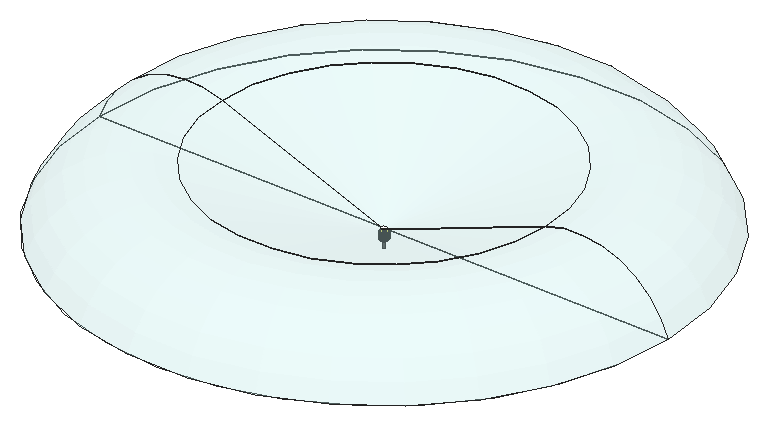
Revit family "VAN Series Nozzles", category Conexões de tubo, Revit 2020
Family settings
  Cota do conector redondo = Utilizar diâmetro
  Tipo de parte = Cobertura
  Número OmniClass = 23.60.30.11.14
  Título OmniClass = Pipework Fittings
  Com base no plano de trabalho = Sim
  Sempre na vertical = Sim
  Corte com vazios quando carregada = Não
  Compartilhado = Não
Parameters (values of type "4 Series VAN")
  Water Visibility (Circle) = yes
  Water = Water
  URL = "https://www.rainbird.com/"
  Type = 1 ft
  SupportProjetos: Reviw Date = "26/03/2021"  # constant formula
  SupportProjetos: Level of Detail = "LOD 300"  # constant formula
  SupportProjetos: Developed = "MICHEL SOARES MOTA"  # constant formula
  SupportProjetos: Creation Date = "22/07/2020"  # constant formula
  Reviw = "R01"  # constant formula
  RainBird: Product Link = "https://store.rainbird.com/sprinklers/nozzles.html?sprays_nozzleseries=102"
  RainBird: Description [instance] = if(Type = 1 ft, "Spray Nozzles 4 Series VAN", if(Type = 2 ft, "Spray Nozzles 6 Series VAN", if(Type = 3 ft, "Spray Nozzles 8 Series VAN", if(Type = 4 ft, "Spray Nozzles 10 Series VAN", if(Type = 5 ft, " Spray Nozzles 12 Series VAN ", if(Type = 6 ft, " Spray Nozzles 15 Series VAN ", if(Type = 7 ft, "Spray Nozzles 18 Series VAN", "Does not exis")))))))  # "Spray Nozzles 4 Series VAN"
  RainBird: Comment [instance] = ""
  Radius [instance] = if(and(Limit Angle = 360.00°, Pressure = 15.0 psi, Type = 1 ft), 3 ft, if(and(Limit Angle = 360.00°, Pressure = 20.0 psi, Type = 1 ft), 3 ft, if(and(Limit Angle = 360.00°, Pressure = 25.0 psi, Type = 1 ft), 4 ft, if(and(Limit Angle = 360.00°, Pressure = 30.0 psi, Type = 1 ft), 4 ft, if(and(Limit Angle = 270.00°, Pressure = 15.0 psi, Type = 1 ft), 3 ft, if(and(Limit Angle = 270.00°, Pressure = 20.0 psi, Type = 1 ft), 3 ft, if(and(Limit Angle = 270.00°, Pressure = 25.0 psi, Type = 1 ft), 4 ft, if(and(Limit Angle = 270.00°, Pressure = 30.0 psi, Type = 1 ft), 4 ft, if(and(Limit Angle = 180.00°, Pressure = 15.0 psi, Type = 1 ft), 3 ft, if(and(Limit Angle = 180.00°, Pressure = 20.0 psi, Type = 1 ft), 3 ft, if(and(Limit Angle = 180.00°, Pressure = 25.0 psi, Type = 1 ft), 4 ft, if(and(Limit Angle = 180.00°, Pressure = 30.0 psi, Type = 1 ft), 4 ft, if(and(Limit Angle = 90.00°, Pressure = 15.0 psi, Type = 1 ft), 3 ft, if(and(Limit Angle = 90.00°, Pressure = 20.0 psi, Type = 1 ft), 3 ft, if(and(Limit Angle = 90.00°, Pressure = 25.0 psi, Type = 1 ft), 4 ft, if(and(Limit Angle = 90.00°, Pressure = 30.0 psi, Type = 1 ft), 4 ft, if(and(Limit Angle = 360.00°, Pressure = 15.0 psi, Type = 2 ft), 4 ft, if(and(Limit Angle = 360.00°, Pressure = 20.0 psi, Type = 2 ft), 5 ft, if(and(Limit Angle = 360.00°, Pressure = 25.0 psi, Type = 2 ft), 5 ft, if(and(Limit Angle = 360.00°, Pressure = 30.0 psi, Type = 2 ft), 6 ft, if(and(Limit Angle = 270.00°, Pressure = 15.0 psi, Type = 2 ft), 4 ft, if(and(Limit Angle = 270.00°, Pressure = 20.0 psi, Type = 2 ft), 5 ft, if(and(Limit Angle = 270.00°, Pressure = 25.0 psi, Type = 2 ft), 5 ft, if(and(Limit Angle = 270.00°, Pressure = 30.0 psi, Type = 2 ft), 6 ft, if(and(Limit Angle = 180.00°, Pressure = 15.0 psi, Type = 2 ft), 4 ft, if(and(Limit Angle = 180.00°, Pressure = 20.0 psi, Type = 2 ft), 5 ft, if(and(Limit Angle = 180.00°, Pressure = 25.0 psi, Type = 2 ft), 5 ft, if(and(Limit Angle = 180.00°, Pressure = 30.0 psi, Type = 2 ft), 6 ft, if(and(Limit Angle = 90.00°, Pressure = 15.0 psi, Type = 2 ft), 4 ft, if(and(Limit Angle = 90.00°, Pressure = 20.0 psi, Type = 2 ft), 5 ft, if(and(Limit Angle = 90.00°, Pressure = 25.0 psi, Type = 2 ft), 5 ft, if(and(Limit Angle = 90.00°, Pressure = 30.0 psi, Type = 2 ft), 6 ft, if(and(Limit Angle = 360.00°, Pressure = 15.0 psi, Type = 3 ft), 6 ft, if(and(Limit Angle = 360.00°, Pressure = 20.0 psi, Type = 3 ft), 7 ft, if(and(Limit Angle = 360.00°, Pressure = 25.0 psi, Type = 3 ft), 7 ft, if(and(Limit Angle = 360.00°, Pressure = 30.0 psi, Type = 3 ft), 8 ft, if(and(Limit Angle = 270.00°, Pressure = 15.0 psi, Type = 3 ft), 6 ft, if(and(Limit Angle = 270.00°, Pressure = 20.0 psi, Type = 3 ft), 7 ft, if(and(Limit Angle = 270.00°, Pressure = 25.0 psi, Type = 3 ft), 7 ft, if(and(Limit Angle = 270.00°, Pressure = 30.0 psi, Type = 3 ft), 8 ft, if(and(Limit Angle = 180.00°, Pressure = 15.0 psi, Type = 3 ft), 6 ft, if(and(Limit Angle = 180.00°, Pressure = 20.0 psi, Type = 3 ft), 7 ft, if(and(Limit Angle = 180.00°, Pressure = 25.0 psi, Type = 3 ft), 7 ft, if(and(Limit Angle = 180.00°, Pressure = 30.0 psi, Type = 3 ft), 8 ft, if(and(Limit Angle = 90.00°, Pressure = 15.0 psi, Type = 3 ft), 6 ft, if(and(Limit Angle = 90.00°, Pressure = 20.0 psi, Type = 3 ft), 7 ft, if(and(Limit Angle = 90.00°, Pressure = 25.0 psi, Type = 3 ft), 7 ft, if(and(Limit Angle = 90.00°, Pressure = 30.0 psi, Type = 3 ft), 8 ft, if(and(Limit Angle = 360.00°, Pressure = 15.0 psi, Type = 4 ft), 7 ft, if(and(Limit Angle = 360.00°, Pressure = 20.0 psi, Type = 4 ft), 8 ft, if(and(Limit Angle = 360.00°, Pressure = 25.0 psi, Type = 4 ft), 9 ft, if(and(Limit Angle = 360.00°, Pressure = 30.0 psi, Type = 4 ft), 10 ft, if(and(Limit Angle = 270.00°, Pressure = 15.0 psi, Type = 4 ft), 7 ft, if(and(Limit Angle = 270.00°, Pressure = 20.0 psi, Type = 4 ft), 8 ft, if(and(Limit Angle = 270.00°, Pressure = 25.0 psi, Type = 4 ft), 9 ft, if(and(Limit Angle = 270.00°, Pressure = 30.0 psi, Type = 4 ft), 10 ft, if(and(Limit Angle = 180.00°, Pressure = 15.0 psi, Type = 4 ft), 7 ft, if(and(Limit Angle = 180.00°, Pressure = 20.0 psi, Type = 4 ft), 8 ft, if(and(Limit Angle = 180.00°, Pressure = 25.0 psi, Type = 4 ft), 9 ft, if(and(Limit Angle = 180.00°, Pressure = 30.0 psi, Type = 4 ft), 10 ft, if(and(Limit Angle = 90.00°, Pressure = 15.0 psi, Type = 4 ft), 7 ft, if(and(Limit Angle = 90.00°, Pressure = 20.0 psi, Type = 4 ft), 8 ft, if(and(Limit Angle = 90.00°, Pressure = 25.0 psi, Type = 4 ft), 9 ft, if(and(Limit Angle = 90.00°, Pressure = 30.0 psi, Type = 4 ft), 10 ft, if(and(Limit Angle = 360.00°, Pressure = 15.0 psi, Type = 5 ft), 9 ft, if(and(Limit Angle = 360.00°, Pressure = 20.0 psi, Type = 5 ft), 10 ft, if(and(Limit Angle = 360.00°, Pressure = 25.0 psi, Type = 5 ft), 11 ft, if(and(Limit Angle = 360.00°, Pressure = 30.0 psi, Type = 5 ft), 12 ft, if(and(Limit Angle = 270.00°, Pressure = 15.0 psi, Type = 5 ft), 9 ft, if(and(Limit Angle = 270.00°, Pressure = 20.0 psi, Type = 5 ft), 10 ft, if(and(Limit Angle = 270.00°, Pressure = 25.0 psi, Type = 5 ft), 11 ft, if(and(Limit Angle = 270.00°, Pressure = 30.0 psi, Type = 5 ft), 12 ft, if(and(Limit Angle = 180.00°, Pressure = 15.0 psi, Type = 5 ft), 9 ft, if(and(Limit Angle = 180.00°, Pressure = 20.0 psi, Type = 5 ft), 10 ft, if(and(Limit Angle = 180.00°, Pressure = 25.0 psi, Type = 5 ft), 11 ft, if(and(Limit Angle = 180.00°, Pressure = 30.0 psi, Type = 5 ft), 12 ft, if(and(Limit Angle = 90.00°, Pressure = 15.0 psi, Type = 5 ft), 9 ft, if(and(Limit Angle = 90.00°, Pressure = 20.0 psi, Type = 5 ft), 10 ft, if(and(Limit Angle = 90.00°, Pressure = 25.0 psi, Type = 5 ft), 11 ft, if(and(Limit Angle = 90.00°, Pressure = 30.0 psi, Type = 5 ft), 12 ft, if(and(Limit Angle = 360.00°, Pressure = 15.0 psi, Type = 6 ft), 11 ft, if(and(Limit Angle = 360.00°, Pressure = 20.0 psi, Type = 6 ft), 12 ft, if(and(Limit Angle = 360.00°, Pressure = 25.0 psi, Type = 6 ft), 14 ft, if(and(Limit Angle = 360.00°, Pressure = 30.0 psi, Type = 6 ft), 15 ft, if(and(Limit Angle = 270.00°, Pressure = 15.0 psi, Type = 6 ft), 11 ft, if(and(Limit Angle = 270.00°, Pressure = 20.0 psi, Type = 6 ft), 12 ft, if(and(Limit Angle = 270.00°, Pressure = 25.0 psi, Type = 6 ft), 14 ft, if(and(Limit Angle = 270.00°, Pressure = 30.0 psi, Type = 6 ft), 15 ft, if(and(Limit Angle = 180.00°, Pressure = 15.0 psi, Type = 6 ft), 11 ft, if(and(Limit Angle = 180.00°, Pressure = 20.0 psi, Type = 6 ft), 12 ft, if(and(Limit Angle = 180.00°, Pressure = 25.0 psi, Type = 6 ft), 14 ft, if(and(Limit Angle = 180.00°, Pressure = 30.0 psi, Type = 6 ft), 15 ft, if(and(Limit Angle = 90.00°, Pressure = 15.0 psi, Type = 6 ft), 11 ft, if(and(Limit Angle = 90.00°, Pressure = 20.0 psi, Type = 6 ft), 12 ft, if(and(Limit Angle = 90.00°, Pressure = 25.0 psi, Type = 6 ft), 14 ft, if(and(Limit Angle = 90.00°, Pressure = 30.0 psi, Type = 6 ft), 15 ft, if(and(Limit Angle = 360.00°, Pressure = 15.0 psi, Type = 7 ft), 14 ft, if(and(Limit Angle = 360.00°, Pressure = 20.0 psi, Type = 7 ft), 15 ft, if(and(Limit Angle = 360.00°, Pressure = 25.0 psi, Type = 7 ft), 17 ft, if(and(Limit Angle = 360.00°, Pressure = 30.0 psi, Type = 7 ft), 18 ft, if(and(Limit Angle = 270.00°, Pressure = 15.0 psi, Type = 7 ft), 14 ft, if(and(Limit Angle = 270.00°, Pressure = 20.0 psi, Type = 7 ft), 15 ft, if(and(Limit Angle = 270.00°, Pressure = 25.0 psi, Type = 7 ft), 17 ft, if(and(Limit Angle = 270.00°, Pressure = 30.0 psi, Type = 7 ft), 18 ft, if(and(Limit Angle = 180.00°, Pressure = 15.0 psi, Type = 7 ft), 14 ft, if(and(Limit Angle = 180.00°, Pressure = 20.0 psi, Type = 7 ft), 15 ft, if(and(Limit Angle = 180.00°, Pressure = 25.0 psi, Type = 7 ft), 17 ft, if(and(Limit Angle = 180.00°, Pressure = 30.0 psi, Type = 7 ft), 18 ft, if(and(Limit Angle = 90.00°, Pressure = 15.0 psi, Type = 7 ft), 14 ft, if(and(Limit Angle = 90.00°, Pressure = 20.0 psi, Type = 7 ft), 15 ft, if(and(Limit Angle = 90.00°, Pressure = 25.0 psi, Type = 7 ft), 17 ft, if(and(Limit Angle = 90.00°, Pressure = 30.0 psi, Type = 7 ft), 18 ft, 200 ft
    ))))))))))))))))))))))))))))))))))))))))))))))))))))))))))))))))))))))))))))))))))))))))))))))))))))))))))))))))  # 3 ft
  R2 [instance] = 0.032808 ft
  R1 [instance] = 0.026247 ft
  Pressure [instance] = 15 psi
  Plastic 2 = Yellow Plastic
  Plastic 1 = Black
  PCS - 090 [instance] = no
  PCS - 060 [instance] = no
  PCS - 040 [instance] = no
  PCS - 030 [instance] = no
  PCS - 025 [instance] = no
  PCS - 020 [instance] = yes
  Modelo = "4 VAN"
  Metal = PARAFUSO
  H2 = 1.312 ft  # constant formula
  H1 [instance] = 0.049213 ft
  Flow [instance] = if(and(Limit Angle = 360.00°, Pressure = 15.0 psi, Type = 1 ft), 0.62 GPM, if(and(Limit Angle = 360.00°, Pressure = 20.0 psi, Type = 1 ft), 0.7 GPM, if(and(Limit Angle = 360.00°, Pressure = 25.0 psi, Type = 1 ft), 0.8 GPM, if(and(Limit Angle = 360.00°, Pressure = 30.0 psi, Type = 1 ft), 0.88 GPM, if(and(Limit Angle = 270.00°, Pressure = 15.0 psi, Type = 1 ft), 0.52 GPM, if(and(Limit Angle = 270.00°, Pressure = 20.0 psi, Type = 1 ft), 0.58 GPM, if(and(Limit Angle = 270.00°, Pressure = 25.0 psi, Type = 1 ft), 0.66 GPM, if(and(Limit Angle = 270.00°, Pressure = 30.0 psi, Type = 1 ft), 0.73 GPM, if(and(Limit Angle = 180.00°, Pressure = 15.0 psi, Type = 1 ft), 0.32 GPM, if(and(Limit Angle = 180.00°, Pressure = 20.0 psi, Type = 1 ft), 0.37 GPM, if(and(Limit Angle = 180.00°, Pressure = 25.0 psi, Type = 1 ft), 0.41 GPM, if(and(Limit Angle = 180.00°, Pressure = 30.0 psi, Type = 1 ft), 0.45 GPM, if(and(Limit Angle = 90.00°, Pressure = 15.0 psi, Type = 1 ft), 0.21 GPM, if(and(Limit Angle = 90.00°, Pressure = 20.0 psi, Type = 1 ft), 0.24 GPM, if(and(Limit Angle = 90.00°, Pressure = 25.0 psi, Type = 1 ft), 0.26 GPM, if(and(Limit Angle = 90.00°, Pressure = 30.0 psi, Type = 1 ft), 0.29 GPM, if(and(Limit Angle = 360.00°, Pressure = 15.0 psi, Type = 2 ft), 0.85 GPM, if(and(Limit Angle = 360.00°, Pressure = 20.0 psi, Type = 2 ft), 0.96 GPM, if(and(Limit Angle = 360.00°, Pressure = 25.0 psi, Type = 2 ft), 1.09 GPM, if(and(Limit Angle = 360.00°, Pressure = 30.0 psi, Type = 2 ft), 1.2 GPM, if(and(Limit Angle = 270.00°, Pressure = 15.0 psi, Type = 2 ft), 0.79 GPM, if(and(Limit Angle = 270.00°, Pressure = 20.0 psi, Type = 2 ft), 0.88 GPM, if(and(Limit Angle = 270.00°, Pressure = 25.0 psi, Type = 2 ft), 1.0 GPM, if(and(Limit Angle = 270.00°, Pressure = 30.0 psi, Type = 2 ft), 1.1 GPM, if(and(Limit Angle = 180.00°, Pressure = 15.0 psi, Type = 2 ft), 0.42 GPM, if(and(Limit Angle = 180.00°, Pressure = 20.0 psi, Type = 2 ft), 0.49 GPM, if(and(Limit Angle = 180.00°, Pressure = 25.0 psi, Type = 2 ft), 0.55 GPM, if(and(Limit Angle = 180.00°, Pressure = 30.0 psi, Type = 2 ft), 0.6 GPM, if(and(Limit Angle = 90.00°, Pressure = 15.0 psi, Type = 2 ft), 0.26 GPM, if(and(Limit Angle = 90.00°, Pressure = 20.0 psi, Type = 2 ft), 0.3 GPM, if(and(Limit Angle = 90.00°, Pressure = 25.0 psi, Type = 2 ft), 0.34 GPM, if(and(Limit Angle = 90.00°, Pressure = 30.0 psi, Type = 2 ft), 0.37 GPM, if(and(Limit Angle = 360.00°, Pressure = 15.0 psi, Type = 3 ft), 1.21 GPM, if(and(Limit Angle = 360.00°, Pressure = 20.0 psi, Type = 3 ft), 1.36 GPM, if(and(Limit Angle = 360.00°, Pressure = 25.0 psi, Type = 3 ft), 1.55 GPM, if(and(Limit Angle = 360.00°, Pressure = 30.0 psi, Type = 3 ft), 1.7 GPM, if(and(Limit Angle = 270.00°, Pressure = 15.0 psi, Type = 3 ft), 1.11 GPM, if(and(Limit Angle = 270.00°, Pressure = 20.0 psi, Type = 3 ft), 1.24 GPM, if(and(Limit Angle = 270.00°, Pressure = 25.0 psi, Type = 3 ft), 1.41 GPM, if(and(Limit Angle = 270.00°, Pressure = 30.0 psi, Type = 3 ft), 1.55 GPM, if(and(Limit Angle = 180.00°, Pressure = 15.0 psi, Type = 3 ft), 0.84 GPM, if(and(Limit Angle = 180.00°, Pressure = 20.0 psi, Type = 3 ft), 0.97 GPM, if(and(Limit Angle = 180.00°, Pressure = 25.0 psi, Type = 3 ft), 1.09 GPM, if(and(Limit Angle = 180.00°, Pressure = 30.0 psi, Type = 3 ft), 1.19 GPM, if(and(Limit Angle = 90.00°, Pressure = 15.0 psi, Type = 3 ft), 0.51 GPM, if(and(Limit Angle = 90.00°, Pressure = 20.0 psi, Type = 3 ft), 0.59 GPM, if(and(Limit Angle = 90.00°, Pressure = 25.0 psi, Type = 3 ft), 0.66 GPM, if(and(Limit Angle = 90.00°, Pressure = 30.0 psi, Type = 3 ft), 0.72 GPM, if(and(Limit Angle = 360.00°, Pressure = 15.0 psi, Type = 4 ft), 1.93 GPM, if(and(Limit Angle = 360.00°, Pressure = 20.0 psi, Type = 4 ft), 2.32 GPM, if(and(Limit Angle = 360.00°, Pressure = 25.0 psi, Type = 4 ft), 2.52 GPM, if(and(Limit Angle = 360.00°, Pressure = 30.0 psi, Type = 4 ft), 2.6 GPM, if(and(Limit Angle = 270.00°, Pressure = 15.0 psi, Type = 4 ft), 1.45 GPM, if(and(Limit Angle = 270.00°, Pressure = 20.0 psi, Type = 4 ft), 1.75 GPM, if(and(Limit Angle = 270.00°, Pressure = 25.0 psi, Type = 4 ft), 1.89 GPM, if(and(Limit Angle = 270.00°, Pressure = 30.0 psi, Type = 4 ft), 2.1 GPM, if(and(Limit Angle = 180.00°, Pressure = 15.0 psi, Type = 4 ft), 0.97 GPM, if(and(Limit Angle = 180.00°, Pressure = 20.0 psi, Type = 4 ft), 1.2 GPM, if(and(Limit Angle = 180.00°, Pressure = 25.0 psi, Type = 4 ft), 1.26 GPM, if(and(Limit Angle = 180.00°, Pressure = 30.0 psi, Type = 4 ft), 1.45 GPM, if(and(Limit Angle = 90.00°, Pressure = 15.0 psi, Type = 4 ft), 0.48 GPM, if(and(Limit Angle = 90.00°, Pressure = 20.0 psi, Type = 4 ft), 0.58 GPM, if(and(Limit Angle = 90.00°, Pressure = 25.0 psi, Type = 4 ft), 0.63 GPM, if(and(Limit Angle = 90.00°, Pressure = 30.0 psi, Type = 4 ft), 0.75 GPM, if(and(Limit Angle = 360.00°, Pressure = 15.0 psi, Type = 5 ft), 1.56 GPM, if(and(Limit Angle = 360.00°, Pressure = 20.0 psi, Type = 5 ft), 1.86 GPM, if(and(Limit Angle = 360.00°, Pressure = 25.0 psi, Type = 5 ft), 2.12 GPM, if(and(Limit Angle = 360.00°, Pressure = 30.0 psi, Type = 5 ft), 2.36 GPM, if(and(Limit Angle = 270.00°, Pressure = 15.0 psi, Type = 5 ft), 1.17 GPM, if(and(Limit Angle = 270.00°, Pressure = 20.0 psi, Type = 5 ft), 1.39 GPM, if(and(Limit Angle = 270.00°, Pressure = 25.0 psi, Type = 5 ft), 1.59 GPM, if(and(Limit Angle = 270.00°, Pressure = 30.0 psi, Type = 5 ft), 1.77 GPM, if(and(Limit Angle = 180.00°, Pressure = 15.0 psi, Type = 5 ft), 0.78 GPM, if(and(Limit Angle = 180.00°, Pressure = 20.0 psi, Type = 5 ft), 0.93 GPM, if(and(Limit Angle = 180.00°, Pressure = 25.0 psi, Type = 5 ft), 1.06 GPM, if(and(Limit Angle = 180.00°, Pressure = 30.0 psi, Type = 5 ft), 1.18 GPM, if(and(Limit Angle = 90.00°, Pressure = 15.0 psi, Type = 5 ft), 0.39 GPM, if(and(Limit Angle = 90.00°, Pressure = 20.0 psi, Type = 5 ft), 0.46 GPM, if(and(Limit Angle = 90.00°, Pressure = 25.0 psi, Type = 5 ft), 0.53 GPM, if(and(Limit Angle = 90.00°, Pressure = 30.0 psi, Type = 5 ft), 0.59 GPM, if(and(Limit Angle = 360.00°, Pressure = 15.0 psi, Type = 6 ft), 2.6 GPM, if(and(Limit Angle = 360.00°, Pressure = 20.0 psi, Type = 6 ft), 3.0 GPM, if(and(Limit Angle = 360.00°, Pressure = 25.0 psi, Type = 6 ft), 3.3 GPM, if(and(Limit Angle = 360.00°, Pressure = 30.0 psi, Type = 6 ft), 3.7 GPM, if(and(Limit Angle = 270.00°, Pressure = 15.0 psi, Type = 6 ft), 1.95 GPM, if(and(Limit Angle = 270.00°, Pressure = 20.0 psi, Type = 6 ft), 2.25 GPM, if(and(Limit Angle = 270.00°, Pressure = 25.0 psi, Type = 6 ft), 2.48 GPM, if(and(Limit Angle = 270.00°, Pressure = 30.0 psi, Type = 6 ft), 2.78 GPM, if(and(Limit Angle = 180.00°, Pressure = 15.0 psi, Type = 6 ft), 1.3 GPM, if(and(Limit Angle = 180.00°, Pressure = 20.0 psi, Type = 6 ft), 1.5 GPM, if(and(Limit Angle = 180.00°, Pressure = 25.0 psi, Type = 6 ft), 1.65 GPM, if(and(Limit Angle = 180.00°, Pressure = 30.0 psi, Type = 6 ft), 1.85 GPM, if(and(Limit Angle = 90.00°, Pressure = 15.0 psi, Type = 6 ft), 0.65 GPM, if(and(Limit Angle = 90.00°, Pressure = 20.0 psi, Type = 6 ft), 0.75 GPM, if(and(Limit Angle = 90.00°, Pressure = 25.0 psi, Type = 6 ft), 4.21 GPM, if(and(Limit Angle = 90.00°, Pressure = 30.0 psi, Type = 6 ft), 4.7 GPM, if(and(Limit Angle = 360.00°, Pressure = 15.0 psi, Type = 7 ft), 4.21 GPM, if(and(Limit Angle = 360.00°, Pressure = 20.0 psi, Type = 7 ft), 4.7 GPM, if(and(Limit Angle = 360.00°, Pressure = 25.0 psi, Type = 7 ft), 4.86 GPM, if(and(Limit Angle = 360.00°, Pressure = 30.0 psi, Type = 7 ft), 5.32 GPM, if(and(Limit Angle = 270.00°, Pressure = 15.0 psi, Type = 7 ft), 3.16 GPM, if(and(Limit Angle = 270.00°, Pressure = 20.0 psi, Type = 7 ft), 3.52 GPM, if(and(Limit Angle = 270.00°, Pressure = 25.0 psi, Type = 7 ft), 3.65 GPM, if(and(Limit Angle = 270.00°, Pressure = 30.0 psi, Type = 7 ft), 3.99 GPM, if(and(Limit Angle = 180.00°, Pressure = 15.0 psi, Type = 7 ft), 2.11 GPM, if(and(Limit Angle = 180.00°, Pressure = 20.0 psi, Type = 7 ft), 2.35 GPM, if(and(Limit Angle = 180.00°, Pressure = 25.0 psi, Type = 7 ft), 2.43 GPM
    , if(and(Limit Angle = 180.00°, Pressure = 30.0 psi, Type = 7 ft), 2.66 GPM, if(and(Limit Angle = 90.00°, Pressure = 15.0 psi, Type = 7 ft), 1.05 GPM, if(and(Limit Angle = 90.00°, Pressure = 20.0 psi, Type = 7 ft), 1.17 GPM, if(and(Limit Angle = 90.00°, Pressure = 25.0 psi, Type = 7 ft), 1.22 GPM, if(and(Limit Angle = 90.00°, Pressure = 30.0 psi, Type = 7 ft), 1.33 GPM, 0.0 GPM))))))))))))))))))))))))))))))))))))))))))))))))))))))))))))))))))))))))))))))))))))))))))))))))))))))))))))))))  # 0.62 GPM
  Default Elevation = 4 ft
  Description = "Spray Nozzles VAN Series "  # constant formula
  DT8 [instance] = if(Limit Angle < 360.00°, 0.098425 ft, 6.56168 ft)  # 6.56168 ft
  DT7 [instance] = 4 * Radius  # 12 ft
  DT4 [instance] = 5 * Radius  # 15 ft
  DT3 [instance] = 0.3397 * Radius  # 1.0191 ft
  DT2 = 0.098425 ft  # constant formula
  DT13 = 0.049769 ft
  DT12 = 0.070216 ft
  DT1 = 0.032808 ft
  DT6 = 0 ft
  DT5 [instance] = 0.6 * Radius  # 1.8 ft
  Blue Plastic = Transparent Plastic
  Limit Angle [instance] = if(and(Arc Angle > 0.00°, Arc Angle < 90.00°), 90.00°, if(Arc Angle = 90.00°, 90.00°, if(and(Arc Angle > 90.00°, Arc Angle < 180.00°), 180.00°, if(Arc Angle = 180.00°, 180.00°, if(and(Arc Angle > 180.00°, Arc Angle < 270.00°), 270.00°, if(Arc Angle = 270.00°, 270.00°, if(and(Arc Angle > 270.00°, Arc Angle < 360.00°), 360.00°, if(Arc Angle = 360.00°, 360.00°, 0.00°))))))))  # 360.00°
  Arc Angle [instance] = 360.00°
  Angle 2 [instance] = if(Limit Angle < 360.00°, 360.00° - Limit Angle, 180.00°)  # 180.00°
  Angle = 20.00°
Reference planes (ft)
  plane 1 "Centro (Frente/Trás)": y = 0
  plane 2: z = 0
  plane 3 "Centro (Esquerda/Direita)": x = 0
Forms (ft)
  Revolve 1, solid, material "Water" <- "Water", visible <- "Water Visibility (Circle)"
    sketch origin (0, 0, 0) x (1, 0, 0) y (0, 0, 1)
      loop
        line (0.032808, 0.098425) -> (3.032808, 0.098425)
        arc (3.032808, 0.098425) -> (2.506651, 0.678564) -> (1.724255, 0.714061) r 1.0191
        line (1.724255, 0.714061) -> (0.032808, 0.098425)
      axis (0, 0.098425) -> (0, 0.714061)
    angle from 0 to 360 <- "Arc Angle"
Dimensions and locks (ft)
  "DT1": Revolve 1 sketch curve to plane 3 "Centro (Esquerda/Direita)"
  "DT2": Revolve 1 sketch curve to level
  "Radius": Revolve 1 sketch curve to Revolve 1 sketch curve
  "DT5": Revolve 1 sketch curve to Revolve 1 sketch curve
  "DT3": radius of Revolve 1 sketch curve
  "Angle": angle Revolve 1 sketch curve to Revolve 1 sketch curve
  aligned and locked: level to plane 2
Automatic sketch dimensions
  Revolve 1 sketch curve to plane 3 "Centro (Esquerda/Direita)" = 0 ft
  Revolve 1 sketch curve to Revolve 1 sketch curve = 0.052946 ft
  Revolve 1 sketch curve to Revolve 1 sketch curve = 10.2693 ft
Nested families (ft)
  nested 1: "R VAN PCS Screen" at (0, 0, 0), Material <- "Blue Plastic", PCS.020 <- "PCS - 020", PCS.025 <- "PCS - 025", PCS.030 <- "PCS - 030", PCS.040 <- "PCS - 040", PCS.060 <- "PCS - 060", PCS.090 <- "PCS - 090", type "R VAN PCS Screen"
    with RainBird: Description "PCS - 020", PCS.090 no, PCS.060 no, PCS.040 no, PCS.030 no, PCS.025 no, PCS.020 yes, Material Transparent Plastic
  nested 2: "BOCAL RE-VAN" at (0, 0, 0), Material 1 <- "Plastic 1", Material 2 <- "Plastic 2", Matreral 3 <- "Metal", type "BOCAL RE-VAN"
    with Matreral 3 PARAFUSO, Material 2 Yellow Plastic, Material 1 Black
Connectors (ft)
  piping at (0, 0, 0), diameter 2
    settings: on nested 1, index 1, connector inside diameter 609.6 mm, connector length 0 ft, flow factor 0, pipe flow 0.0 GPM, pressure drop 0 psi, fitting loss kfactor 0, connector angle 0.00°, fixture units 0, engagement length 0 ft, angle of deflection 0.00°, flow configuration 0, flow direction 0, fitting loss method 0, system type 28, joint type 0, gender type 0, connector reference index -1, connector utility 0, adjustable connector no, is connector primary yes, connector description ""
Definition of nested family "R VAN PCS Screen"
  Parameters (values of type "R VAN PCS Screen")
    RainBird: Description [instance] = if(PCS.020, "PCS - 020", if(PCS.025, "PCS - 025", if(PCS.030, "PCS - 030", if(PCS.040, "PCS - 040", if(PCS.060, "PCS - 060", if(PCS.090, "PCS - 090", "Does not exist"))))))  # "PCS - 020"
    PCS.090 [instance] = no
    PCS.060 [instance] = no
    PCS.040 [instance] = no
    PCS.030 [instance] = no
    PCS.020 [instance] = yes
    PCS.025 [instance] = no
    Material [instance] = none
    Default Elevation = 0 ft
  Reference planes (ft)
    plane 1 "Centro (Frente/Trás)": y = 0
    plane 2: z = 0
    plane 3 "Centro (Esquerda/Direita)": x = 0
  Forms (ft)
    Revolve 1, solid, material <- "Material"
      sketch origin (0, 0, 0) x (1, 0, 0) y (0, 0, 1)
        loop
          line (0, -0.088229) -> (0.016404, -0.088229) -> (0.016404, -0.03138) -> (0.022015, -0.015965) -> (0.022015, -0.006562) -> (0.026522, -0.006562) -> (0.026522, 0) -> (0.015453, 0) -> (0.015453, -0.014808) -> (0.009843, -0.030223) -> (0.009843, -0.081723) -> (0, -0.081723) -> (0, -0.088229)
        axis (0, -0.088229) -> (0, 0)
      angle from 0 to 360
  Dimensions and locks (ft)
    level to Revolve 1 sketch curve = 0.088229 ft
    aligned and locked: level to plane 2
Definition of nested family "BOCAL RE-VAN"
  Parameters (values of type "BOCAL RE-VAN")
    Matreral 3 [instance] = none
    Material 2 [instance] = none
    Material 1 [instance] = none
    Default Elevation = 0 ft
  Reference planes (ft)
    plane 1 "Centro (Frente/Trás)": y = 0
    plane 2: z = 0
    plane 3 "Centro (Esquerda/Direita)": x = 0
  Forms (ft)
    Extrusion 1, solid, material <- "Material 2"
      sketch origin (0, 0, 0) x (1, 0, 0) y (0, 1, 0)
        loop
          line (-0.026295, -0.028321) -> (-0.028239, -0.030638)
          arc (-0.028239, -0.030638) -> (-0.026783, -0.031919) -> (-0.025268, -0.03313) r 0.041667
          line (-0.025268, -0.03313) -> (-0.023324, -0.030813)
          arc (-0.023324, -0.030813) -> (-0.024841, -0.029604) -> (-0.026295, -0.028321) r 0.038645
        loop
          arc (-0.041622, 0.001939) -> (-0.041667, 0) -> (-0.041622, -0.001939) r 0.041667
          line (-0.041622, -0.001939) -> (-0.038597, -0.001939)
          arc (-0.038597, -0.001939) -> (-0.038645, 0) -> (-0.038597, 0.001939) r 0.038645
          line (-0.038597, 0.001939) -> (-0.041622, 0.001939)
        loop
          arc (0.038597, 0.001939) -> (0.038645, 0) -> (0.038597, -0.001939) r 0.038645
          line (0.038597, -0.001939) -> (0.041622, -0.001939)
          arc (0.041622, -0.001939) -> (0.041667, 0) -> (0.041622, 0.001939) r 0.041667
          line (0.041622, 0.001939) -> (0.038597, 0.001939)
        loop
          line (-0.038347, -0.004793) -> (-0.041326, -0.005318)
          arc (-0.041326, -0.005318) -> (-0.041034, -0.007235) -> (-0.040653, -0.009137) r 0.041667
          line (-0.040653, -0.009137) -> (-0.037674, -0.008612)
          arc (-0.037674, -0.008612) -> (-0.038058, -0.006711) -> (-0.038347, -0.004793) r 0.038645
        loop
          arc (0.037674, 0.008612) -> (0.038058, 0.006711) -> (0.038347, 0.004793) r 0.038645
          line (0.038347, 0.004793) -> (0.041326, 0.005318)
          arc (0.041326, 0.005318) -> (0.041034, 0.007235) -> (0.040653, 0.009137) r 0.041667
          line (0.040653, 0.009137) -> (0.037674, 0.008612)
        loop
          line (-0.036932, -0.011379) -> (-0.039775, -0.012413)
          arc (-0.039775, -0.012413) -> (-0.039154, -0.014251) -> (-0.038448, -0.016057) r 0.041667
          line (-0.038448, -0.016057) -> (-0.035606, -0.015023)
          arc (-0.035606, -0.015023) -> (-0.036315, -0.013218) -> (-0.036932, -0.011379) r 0.038645
        loop
          arc (0.035606, 0.015023) -> (0.036315, 0.013218) -> (0.036932, 0.011379) r 0.038645
          line (0.036932, 0.011379) -> (0.039775, 0.012413)
          arc (0.039775, 0.012413) -> (0.039154, 0.014251) -> (0.038448, 0.016057) r 0.041667
          line (0.038448, 0.016057) -> (0.035606, 0.015023)
        loop
          line (-0.034395, -0.017619) -> (-0.037015, -0.019132)
          arc (-0.037015, -0.019132) -> (-0.036084, -0.020833) -> (-0.035076, -0.02249) r 0.041667
          line (-0.035076, -0.02249) -> (-0.032456, -0.020978)
          arc (-0.032456, -0.020978) -> (-0.033468, -0.019323) -> (-0.034395, -0.017619) r 0.038645
        loop
          arc (0.032456, 0.020978) -> (0.033468, 0.019323) -> (0.034395, 0.017619) r 0.038645
          line (0.034395, 0.017619) -> (0.037015, 0.019132)
          arc (0.037015, 0.019132) -> (0.036084, 0.020833) -> (0.035076, 0.02249) r 0.041667
          line (0.035076, 0.02249) -> (0.032456, 0.020978)
        loop
          line (-0.030813, -0.023324) -> (-0.03313, -0.025268)
          arc (-0.03313, -0.025268) -> (-0.031919, -0.026783) -> (-0.030638, -0.028239) r 0.041667
          line (-0.030638, -0.028239) -> (-0.028321, -0.026295)
          arc (-0.028321, -0.026295) -> (-0.029604, -0.024841) -> (-0.030813, -0.023324) r 0.038645
        loop
          arc (0.028321, 0.026295) -> (0.029604, 0.024841) -> (0.030813, 0.023324) r 0.038645
          line (0.030813, 0.023324) -> (0.03313, 0.025268)
          arc (0.03313, 0.025268) -> (0.031919, 0.026783) -> (0.030638, 0.028239) r 0.041667
          line (0.030638, 0.028239) -> (0.028321, 0.026295)
        loop
          arc (0.023324, 0.030813) -> (0.024841, 0.029604) -> (0.026295, 0.028321) r 0.038645
          line (0.026295, 0.028321) -> (0.028239, 0.030638)
          arc (0.028239, 0.030638) -> (0.026783, 0.031919) -> (0.025268, 0.03313) r 0.041667
          line (0.025268, 0.03313) -> (0.023324, 0.030813)
        loop
          line (-0.020978, -0.032456) -> (-0.02249, -0.035076)
          arc (-0.02249, -0.035076) -> (-0.020833, -0.036084) -> (-0.019132, -0.037015) r 0.041667
          line (-0.019132, -0.037015) -> (-0.017619, -0.034395)
          arc (-0.017619, -0.034395) -> (-0.019323, -0.033468) -> (-0.020978, -0.032456) r 0.038645
        loop
          arc (0.017619, 0.034395) -> (0.019323, 0.033468) -> (0.020978, 0.032456) r 0.038645
          line (0.020978, 0.032456) -> (0.02249, 0.035076)
          arc (0.02249, 0.035076) -> (0.020833, 0.036084) -> (0.019132, 0.037015) r 0.041667
          line (0.019132, 0.037015) -> (0.017619, 0.034395)
        loop
          line (-0.015023, -0.035606) -> (-0.016057, -0.038448)
          arc (-0.016057, -0.038448) -> (-0.014251, -0.039154) -> (-0.012413, -0.039775) r 0.041667
          line (-0.012413, -0.039775) -> (-0.011379, -0.036932)
          arc (-0.011379, -0.036932) -> (-0.013218, -0.036315) -> (-0.015023, -0.035606) r 0.038645
        loop
          arc (0.011379, 0.036932) -> (0.013218, 0.036315) -> (0.015023, 0.035606) r 0.038645
          line (0.015023, 0.035606) -> (0.016057, 0.038448)
          arc (0.016057, 0.038448) -> (0.014251, 0.039154) -> (0.012413, 0.039775) r 0.041667
          line (0.012413, 0.039775) -> (0.011379, 0.036932)
        loop
          line (-0.008612, -0.037674) -> (-0.009137, -0.040653)
          arc (-0.009137, -0.040653) -> (-0.007235, -0.041034) -> (-0.005318, -0.041326) r 0.041667
          line (-0.005318, -0.041326) -> (-0.004793, -0.038347)
          arc (-0.004793, -0.038347) -> (-0.006711, -0.038058) -> (-0.008612, -0.037674) r 0.038645
        loop
          arc (0.004793, 0.038347) -> (0.006711, 0.038058) -> (0.008612, 0.037674) r 0.038645
          line (0.008612, 0.037674) -> (0.009137, 0.040653)
          arc (0.009137, 0.040653) -> (0.007235, 0.041034) -> (0.005318, 0.041326) r 0.041667
          line (0.005318, 0.041326) -> (0.004793, 0.038347)
        loop
          line (-0.001939, -0.038597) -> (-0.001939, -0.041622)
          arc (-0.001939, -0.041622) -> (0, -0.041667) -> (0.001939, -0.041622) r 0.041667
          line (0.001939, -0.041622) -> (0.001939, -0.038597)
          arc (0.001939, -0.038597) -> (0, -0.038645) -> (-0.001939, -0.038597) r 0.038645
        loop
          arc (-0.001939, 0.038597) -> (0, 0.038645) -> (0.001939, 0.038597) r 0.038645
          line (0.001939, 0.038597) -> (0.001939, 0.041622)
          arc (0.001939, 0.041622) -> (0, 0.041667) -> (-0.001939, 0.041622) r 0.041667
          line (-0.001939, 0.041622) -> (-0.001939, 0.038597)
        loop
          line (0.004793, -0.038347) -> (0.005318, -0.041326)
          arc (0.005318, -0.041326) -> (0.007235, -0.041034) -> (0.009137, -0.040653) r 0.041667
          line (0.009137, -0.040653) -> (0.008612, -0.037674)
          arc (0.008612, -0.037674) -> (0.006711, -0.038058) -> (0.004793, -0.038347) r 0.038645
        loop
          arc (-0.008612, 0.037674) -> (-0.006711, 0.038058) -> (-0.004793, 0.038347) r 0.038645
          line (-0.004793, 0.038347) -> (-0.005318, 0.041326)
          arc (-0.005318, 0.041326) -> (-0.007235, 0.041034) -> (-0.009137, 0.040653) r 0.041667
          line (-0.009137, 0.040653) -> (-0.008612, 0.037674)
        loop
          line (0.011379, -0.036932) -> (0.012413, -0.039775)
          arc (0.012413, -0.039775) -> (0.014251, -0.039154) -> (0.016057, -0.038448) r 0.041667
          line (0.016057, -0.038448) -> (0.015023, -0.035606)
          arc (0.015023, -0.035606) -> (0.013218, -0.036315) -> (0.011379, -0.036932) r 0.038645
        loop
          arc (-0.015023, 0.035606) -> (-0.013218, 0.036315) -> (-0.011379, 0.036932) r 0.038645
          line (-0.011379, 0.036932) -> (-0.012413, 0.039775)
          arc (-0.012413, 0.039775) -> (-0.014251, 0.039154) -> (-0.016057, 0.038448) r 0.041667
          line (-0.016057, 0.038448) -> (-0.015023, 0.035606)
        loop
          line (0.017619, -0.034395) -> (0.019132, -0.037015)
          arc (0.019132, -0.037015) -> (0.020833, -0.036084) -> (0.02249, -0.035076) r 0.041667
          line (0.02249, -0.035076) -> (0.020978, -0.032456)
          arc (0.020978, -0.032456) -> (0.019323, -0.033468) -> (0.017619, -0.034395) r 0.038645
        loop
          arc (-0.020978, 0.032456) -> (-0.019323, 0.033468) -> (-0.017619, 0.034395) r 0.038645
          line (-0.017619, 0.034395) -> (-0.019132, 0.037015)
          arc (-0.019132, 0.037015) -> (-0.020833, 0.036084) -> (-0.02249, 0.035076) r 0.041667
          line (-0.02249, 0.035076) -> (-0.020978, 0.032456)
        loop
          line (0.023324, -0.030813) -> (0.025268, -0.03313)
          arc (0.025268, -0.03313) -> (0.026783, -0.031919) -> (0.028239, -0.030638) r 0.041667
          line (0.028239, -0.030638) -> (0.026295, -0.028321)
          arc (0.026295, -0.028321) -> (0.024841, -0.029604) -> (0.023324, -0.030813) r 0.038645
        loop
          arc (-0.026295, 0.028321) -> (-0.024841, 0.029604) -> (-0.023324, 0.030813) r 0.038645
          line (-0.023324, 0.030813) -> (-0.025268, 0.03313)
          arc (-0.025268, 0.03313) -> (-0.026783, 0.031919) -> (-0.028239, 0.030638) r 0.041667
          line (-0.028239, 0.030638) -> (-0.026295, 0.028321)
        loop
          line (0.028321, -0.026295) -> (0.030638, -0.028239)
          arc (0.030638, -0.028239) -> (0.031919, -0.026783) -> (0.03313, -0.025268) r 0.041667
          line (0.03313, -0.025268) -> (0.030813, -0.023324)
          arc (0.030813, -0.023324) -> (0.029604, -0.024841) -> (0.028321, -0.026295) r 0.038645
        loop
          arc (-0.030813, 0.023324) -> (-0.029604, 0.024841) -> (-0.028321, 0.026295) r 0.038645
          line (-0.028321, 0.026295) -> (-0.030638, 0.028239)
          arc (-0.030638, 0.028239) -> (-0.031919, 0.026783) -> (-0.03313, 0.025268) r 0.041667
          line (-0.03313, 0.025268) -> (-0.030813, 0.023324)
        loop
          line (0.032456, -0.020978) -> (0.035076, -0.02249)
          arc (0.035076, -0.02249) -> (0.036084, -0.020833) -> (0.037015, -0.019132) r 0.041667
          line (0.037015, -0.019132) -> (0.034395, -0.017619)
          arc (0.034395, -0.017619) -> (0.033468, -0.019323) -> (0.032456, -0.020978) r 0.038645
        loop
          arc (-0.034395, 0.017619) -> (-0.033468, 0.019323) -> (-0.032456, 0.020978) r 0.038645
          line (-0.032456, 0.020978) -> (-0.035076, 0.02249)
          arc (-0.035076, 0.02249) -> (-0.036084, 0.020833) -> (-0.037015, 0.019132) r 0.041667
          line (-0.037015, 0.019132) -> (-0.034395, 0.017619)
        loop
          line (0.035863, -0.014399) -> (0.038723, -0.015384)
          arc (0.038723, -0.015384) -> (0.039397, -0.013565) -> (0.039985, -0.011717) r 0.041667
          line (0.039985, -0.011717) -> (0.037125, -0.010733)
          arc (0.037125, -0.010733) -> (0.03654, -0.012582) -> (0.035863, -0.014399) r 0.038645
        loop
          arc (-0.037125, 0.010733) -> (-0.03654, 0.012582) -> (-0.035863, 0.014399) r 0.038645
          line (-0.035863, 0.014399) -> (-0.038723, 0.015384)
          arc (-0.038723, 0.015384) -> (-0.039397, 0.013565) -> (-0.039985, 0.011717) r 0.041667
          line (-0.039985, 0.011717) -> (-0.037125, 0.010733)
        loop
          line (0.037818, -0.007953) -> (0.040806, -0.008426)
          arc (0.040806, -0.008426) -> (0.041154, -0.006518) -> (0.041412, -0.004596) r 0.041667
          line (0.041412, -0.004596) -> (0.038425, -0.004123)
          arc (0.038425, -0.004123) -> (0.03817, -0.006045) -> (0.037818, -0.007953) r 0.038645
        loop
          arc (-0.038425, 0.004123) -> (-0.03817, 0.006045) -> (-0.037818, 0.007953) r 0.038645
          line (-0.037818, 0.007953) -> (-0.040806, 0.008426)
          arc (-0.040806, 0.008426) -> (-0.041154, 0.006518) -> (-0.041412, 0.004596) r 0.041667
          line (-0.041412, 0.004596) -> (-0.038425, 0.004123)
      from 0.057277 to 0.069223
    Extrusion 2, solid, material <- "Material 2"
      sketch origin (0, 0, -0.054651) x (1, 0, 0) y (0, 1, 0)
        loop
          line (-0.026295, -0.028321) -> (-0.028239, -0.030638)
          arc (-0.028239, -0.030638) -> (-0.026783, -0.031919) -> (-0.025268, -0.03313) r 0.041667
          line (-0.025268, -0.03313) -> (-0.023324, -0.030813)
          arc (-0.023324, -0.030813) -> (-0.024841, -0.029604) -> (-0.026295, -0.028321) r 0.038645
        loop
          arc (-0.041622, 0.001939) -> (-0.041667, 0) -> (-0.041622, -0.001939) r 0.041667
          line (-0.041622, -0.001939) -> (-0.038597, -0.001939)
          arc (-0.038597, -0.001939) -> (-0.038645, 0) -> (-0.038597, 0.001939) r 0.038645
          line (-0.038597, 0.001939) -> (-0.041622, 0.001939)
        loop
          arc (0.038597, 0.001939) -> (0.038645, 0) -> (0.038597, -0.001939) r 0.038645
          line (0.038597, -0.001939) -> (0.041622, -0.001939)
          arc (0.041622, -0.001939) -> (0.041667, 0) -> (0.041622, 0.001939) r 0.041667
          line (0.041622, 0.001939) -> (0.038597, 0.001939)
        loop
          line (-0.038347, -0.004793) -> (-0.041326, -0.005318)
          arc (-0.041326, -0.005318) -> (-0.041034, -0.007235) -> (-0.040653, -0.009137) r 0.041667
          line (-0.040653, -0.009137) -> (-0.037674, -0.008612)
          arc (-0.037674, -0.008612) -> (-0.038058, -0.006711) -> (-0.038347, -0.004793) r 0.038645
        loop
          arc (0.037674, 0.008612) -> (0.038058, 0.006711) -> (0.038347, 0.004793) r 0.038645
          line (0.038347, 0.004793) -> (0.041326, 0.005318)
          arc (0.041326, 0.005318) -> (0.041034, 0.007235) -> (0.040653, 0.009137) r 0.041667
          line (0.040653, 0.009137) -> (0.037674, 0.008612)
        loop
          line (-0.036932, -0.011379) -> (-0.039775, -0.012413)
          arc (-0.039775, -0.012413) -> (-0.039154, -0.014251) -> (-0.038448, -0.016057) r 0.041667
          line (-0.038448, -0.016057) -> (-0.035606, -0.015023)
          arc (-0.035606, -0.015023) -> (-0.036315, -0.013218) -> (-0.036932, -0.011379) r 0.038645
        loop
          arc (0.035606, 0.015023) -> (0.036315, 0.013218) -> (0.036932, 0.011379) r 0.038645
          line (0.036932, 0.011379) -> (0.039775, 0.012413)
          arc (0.039775, 0.012413) -> (0.039154, 0.014251) -> (0.038448, 0.016057) r 0.041667
          line (0.038448, 0.016057) -> (0.035606, 0.015023)
        loop
          line (-0.034395, -0.017619) -> (-0.037015, -0.019132)
          arc (-0.037015, -0.019132) -> (-0.036084, -0.020833) -> (-0.035076, -0.02249) r 0.041667
          line (-0.035076, -0.02249) -> (-0.032456, -0.020978)
          arc (-0.032456, -0.020978) -> (-0.033468, -0.019323) -> (-0.034395, -0.017619) r 0.038645
        loop
          arc (0.032456, 0.020978) -> (0.033468, 0.019323) -> (0.034395, 0.017619) r 0.038645
          line (0.034395, 0.017619) -> (0.037015, 0.019132)
          arc (0.037015, 0.019132) -> (0.036084, 0.020833) -> (0.035076, 0.02249) r 0.041667
          line (0.035076, 0.02249) -> (0.032456, 0.020978)
        loop
          line (-0.030813, -0.023324) -> (-0.03313, -0.025268)
          arc (-0.03313, -0.025268) -> (-0.031919, -0.026783) -> (-0.030638, -0.028239) r 0.041667
          line (-0.030638, -0.028239) -> (-0.028321, -0.026295)
          arc (-0.028321, -0.026295) -> (-0.029604, -0.024841) -> (-0.030813, -0.023324) r 0.038645
        loop
          arc (0.028321, 0.026295) -> (0.029604, 0.024841) -> (0.030813, 0.023324) r 0.038645
          line (0.030813, 0.023324) -> (0.03313, 0.025268)
          arc (0.03313, 0.025268) -> (0.031919, 0.026783) -> (0.030638, 0.028239) r 0.041667
          line (0.030638, 0.028239) -> (0.028321, 0.026295)
        loop
          arc (0.023324, 0.030813) -> (0.024841, 0.029604) -> (0.026295, 0.028321) r 0.038645
          line (0.026295, 0.028321) -> (0.028239, 0.030638)
          arc (0.028239, 0.030638) -> (0.026783, 0.031919) -> (0.025268, 0.03313) r 0.041667
          line (0.025268, 0.03313) -> (0.023324, 0.030813)
        loop
          line (-0.020978, -0.032456) -> (-0.02249, -0.035076)
          arc (-0.02249, -0.035076) -> (-0.020833, -0.036084) -> (-0.019132, -0.037015) r 0.041667
          line (-0.019132, -0.037015) -> (-0.017619, -0.034395)
          arc (-0.017619, -0.034395) -> (-0.019323, -0.033468) -> (-0.020978, -0.032456) r 0.038645
        loop
          arc (0.017619, 0.034395) -> (0.019323, 0.033468) -> (0.020978, 0.032456) r 0.038645
          line (0.020978, 0.032456) -> (0.02249, 0.035076)
          arc (0.02249, 0.035076) -> (0.020833, 0.036084) -> (0.019132, 0.037015) r 0.041667
          line (0.019132, 0.037015) -> (0.017619, 0.034395)
        loop
          line (-0.015023, -0.035606) -> (-0.016057, -0.038448)
          arc (-0.016057, -0.038448) -> (-0.014251, -0.039154) -> (-0.012413, -0.039775) r 0.041667
          line (-0.012413, -0.039775) -> (-0.011379, -0.036932)
          arc (-0.011379, -0.036932) -> (-0.013218, -0.036315) -> (-0.015023, -0.035606) r 0.038645
        loop
          arc (0.011379, 0.036932) -> (0.013218, 0.036315) -> (0.015023, 0.035606) r 0.038645
          line (0.015023, 0.035606) -> (0.016057, 0.038448)
          arc (0.016057, 0.038448) -> (0.014251, 0.039154) -> (0.012413, 0.039775) r 0.041667
          line (0.012413, 0.039775) -> (0.011379, 0.036932)
        loop
          line (-0.008612, -0.037674) -> (-0.009137, -0.040653)
          arc (-0.009137, -0.040653) -> (-0.007235, -0.041034) -> (-0.005318, -0.041326) r 0.041667
          line (-0.005318, -0.041326) -> (-0.004793, -0.038347)
          arc (-0.004793, -0.038347) -> (-0.006711, -0.038058) -> (-0.008612, -0.037674) r 0.038645
        loop
          arc (0.004793, 0.038347) -> (0.006711, 0.038058) -> (0.008612, 0.037674) r 0.038645
          line (0.008612, 0.037674) -> (0.009137, 0.040653)
          arc (0.009137, 0.040653) -> (0.007235, 0.041034) -> (0.005318, 0.041326) r 0.041667
          line (0.005318, 0.041326) -> (0.004793, 0.038347)
        loop
          line (-0.001939, -0.038597) -> (-0.001939, -0.041622)
          arc (-0.001939, -0.041622) -> (0, -0.041667) -> (0.001939, -0.041622) r 0.041667
          line (0.001939, -0.041622) -> (0.001939, -0.038597)
          arc (0.001939, -0.038597) -> (0, -0.038645) -> (-0.001939, -0.038597) r 0.038645
        loop
          arc (-0.001939, 0.038597) -> (0, 0.038645) -> (0.001939, 0.038597) r 0.038645
          line (0.001939, 0.038597) -> (0.001939, 0.041622)
          arc (0.001939, 0.041622) -> (0, 0.041667) -> (-0.001939, 0.041622) r 0.041667
          line (-0.001939, 0.041622) -> (-0.001939, 0.038597)
        loop
          line (0.004793, -0.038347) -> (0.005318, -0.041326)
          arc (0.005318, -0.041326) -> (0.007235, -0.041034) -> (0.009137, -0.040653) r 0.041667
          line (0.009137, -0.040653) -> (0.008612, -0.037674)
          arc (0.008612, -0.037674) -> (0.006711, -0.038058) -> (0.004793, -0.038347) r 0.038645
        loop
          arc (-0.008612, 0.037674) -> (-0.006711, 0.038058) -> (-0.004793, 0.038347) r 0.038645
          line (-0.004793, 0.038347) -> (-0.005318, 0.041326)
          arc (-0.005318, 0.041326) -> (-0.007235, 0.041034) -> (-0.009137, 0.040653) r 0.041667
          line (-0.009137, 0.040653) -> (-0.008612, 0.037674)
        loop
          line (0.011379, -0.036932) -> (0.012413, -0.039775)
          arc (0.012413, -0.039775) -> (0.014251, -0.039154) -> (0.016057, -0.038448) r 0.041667
          line (0.016057, -0.038448) -> (0.015023, -0.035606)
          arc (0.015023, -0.035606) -> (0.013218, -0.036315) -> (0.011379, -0.036932) r 0.038645
        loop
          arc (-0.015023, 0.035606) -> (-0.013218, 0.036315) -> (-0.011379, 0.036932) r 0.038645
          line (-0.011379, 0.036932) -> (-0.012413, 0.039775)
          arc (-0.012413, 0.039775) -> (-0.014251, 0.039154) -> (-0.016057, 0.038448) r 0.041667
          line (-0.016057, 0.038448) -> (-0.015023, 0.035606)
        loop
          line (0.017619, -0.034395) -> (0.019132, -0.037015)
          arc (0.019132, -0.037015) -> (0.020833, -0.036084) -> (0.02249, -0.035076) r 0.041667
          line (0.02249, -0.035076) -> (0.020978, -0.032456)
          arc (0.020978, -0.032456) -> (0.019323, -0.033468) -> (0.017619, -0.034395) r 0.038645
        loop
          arc (-0.020978, 0.032456) -> (-0.019323, 0.033468) -> (-0.017619, 0.034395) r 0.038645
          line (-0.017619, 0.034395) -> (-0.019132, 0.037015)
          arc (-0.019132, 0.037015) -> (-0.020833, 0.036084) -> (-0.02249, 0.035076) r 0.041667
          line (-0.02249, 0.035076) -> (-0.020978, 0.032456)
        loop
          line (0.023324, -0.030813) -> (0.025268, -0.03313)
          arc (0.025268, -0.03313) -> (0.026783, -0.031919) -> (0.028239, -0.030638) r 0.041667
          line (0.028239, -0.030638) -> (0.026295, -0.028321)
          arc (0.026295, -0.028321) -> (0.024841, -0.029604) -> (0.023324, -0.030813) r 0.038645
        loop
          arc (-0.026295, 0.028321) -> (-0.024841, 0.029604) -> (-0.023324, 0.030813) r 0.038645
          line (-0.023324, 0.030813) -> (-0.025268, 0.03313)
          arc (-0.025268, 0.03313) -> (-0.026783, 0.031919) -> (-0.028239, 0.030638) r 0.041667
          line (-0.028239, 0.030638) -> (-0.026295, 0.028321)
        loop
          line (0.028321, -0.026295) -> (0.030638, -0.028239)
          arc (0.030638, -0.028239) -> (0.031919, -0.026783) -> (0.03313, -0.025268) r 0.041667
          line (0.03313, -0.025268) -> (0.030813, -0.023324)
          arc (0.030813, -0.023324) -> (0.029604, -0.024841) -> (0.028321, -0.026295) r 0.038645
        loop
          arc (-0.030813, 0.023324) -> (-0.029604, 0.024841) -> (-0.028321, 0.026295) r 0.038645
          line (-0.028321, 0.026295) -> (-0.030638, 0.028239)
          arc (-0.030638, 0.028239) -> (-0.031919, 0.026783) -> (-0.03313, 0.025268) r 0.041667
          line (-0.03313, 0.025268) -> (-0.030813, 0.023324)
        loop
          line (0.032456, -0.020978) -> (0.035076, -0.02249)
          arc (0.035076, -0.02249) -> (0.036084, -0.020833) -> (0.037015, -0.019132) r 0.041667
          line (0.037015, -0.019132) -> (0.034395, -0.017619)
          arc (0.034395, -0.017619) -> (0.033468, -0.019323) -> (0.032456, -0.020978) r 0.038645
        loop
          arc (-0.034395, 0.017619) -> (-0.033468, 0.019323) -> (-0.032456, 0.020978) r 0.038645
          line (-0.032456, 0.020978) -> (-0.035076, 0.02249)
          arc (-0.035076, 0.02249) -> (-0.036084, 0.020833) -> (-0.037015, 0.019132) r 0.041667
          line (-0.037015, 0.019132) -> (-0.034395, 0.017619)
        loop
          line (0.035863, -0.014399) -> (0.038723, -0.015384)
          arc (0.038723, -0.015384) -> (0.039397, -0.013565) -> (0.039985, -0.011717) r 0.041667
          line (0.039985, -0.011717) -> (0.037125, -0.010733)
          arc (0.037125, -0.010733) -> (0.03654, -0.012582) -> (0.035863, -0.014399) r 0.038645
        loop
          arc (-0.037125, 0.010733) -> (-0.03654, 0.012582) -> (-0.035863, 0.014399) r 0.038645
          line (-0.035863, 0.014399) -> (-0.038723, 0.015384)
          arc (-0.038723, 0.015384) -> (-0.039397, 0.013565) -> (-0.039985, 0.011717) r 0.041667
          line (-0.039985, 0.011717) -> (-0.037125, 0.010733)
        loop
          line (0.037818, -0.007953) -> (0.040806, -0.008426)
          arc (0.040806, -0.008426) -> (0.041154, -0.006518) -> (0.041412, -0.004596) r 0.041667
          line (0.041412, -0.004596) -> (0.038425, -0.004123)
          arc (0.038425, -0.004123) -> (0.03817, -0.006045) -> (0.037818, -0.007953) r 0.038645
        loop
          arc (-0.038425, 0.004123) -> (-0.03817, 0.006045) -> (-0.037818, 0.007953) r 0.038645
          line (-0.037818, 0.007953) -> (-0.040806, 0.008426)
          arc (-0.040806, 0.008426) -> (-0.041154, 0.006518) -> (-0.041412, 0.004596) r 0.041667
          line (-0.041412, 0.004596) -> (-0.038425, 0.004123)
      from 0.054651 to 0.071055
    Extrusion 3, solid, material <- "Material 2"
      sketch origin (0, 0, 0) x (1, 0, 0) y (0, 1, 0)
        loop
          line (-0.03118, -0.001271) -> (-0.008961, -0.001271)
          arc (-0.008961, -0.001271) -> (-0.009051, 0.000025) -> (-0.008954, 0.00132) r 0.009051
          line (-0.008954, 0.00132) -> (-0.031114, 0.00132)
          arc (-0.031114, 0.00132) -> (-0.031171, 0.000025) -> (-0.03118, -0.001271) r 0.035662
        loop
          arc (0.030801, -0.001271) -> (0.030856, 0.000024) -> (0.030865, 0.00132) r 0.035662
          line (0.030865, 0.00132) -> (0.008954, 0.00132)
          arc (0.008954, 0.00132) -> (0.009051, 0.000025) -> (0.008961, -0.001271) r 0.009051
          line (0.008961, -0.001271) -> (0.030801, -0.001271)
      from 0.038472 to 0.069223
    Extrusion 4, solid, material <- "Matreral 3"
      sketch origin (0, 0, 0) x (1, 0, 0) y (0, 1, 0)
        loop
          circle (0, 0) r 0.005499
      from 0.045527 to 0.069223
    Extrusion 5, solid, material <- "Matreral 3"
      sketch origin (0, 0, 0) x (1, 0, 0) y (0, 1, 0)
        loop
          arc (-0.000633, 0.005462) -> (-0.005499, 0) -> (-0.000633, -0.005462) r 0.005499
          line (-0.000633, -0.005462) -> (-0.000633, 0.005462)
        loop
          line (0.000633, 0.005462) -> (0.000633, -0.005462)
          arc (0.000633, -0.005462) -> (0.005499, 0) -> (0.000633, 0.005462) r 0.005499
      from 0.06414 to 0.070693
    Revolve 6, solid, material <- "Material 2"
      sketch origin (0, 0, 0) x (1, 0, 0) y (0, 0, 1)
        loop
          line (0.005759, 0.069223) -> (0.005759, 0.023442) -> (0.02249, 0.023442) -> (0.02249, 0) -> (0.038894, 0) -> (0.038894, 0.069223) -> (0.030813, 0.069223)
          arc (0.030813, 0.069223) -> (0.021113, 0.060051) -> (0.008961, 0.054522) r 0.040593
          line (0.008961, 0.054522) -> (0.008961, 0.069223) -> (0.005759, 0.069223)
        axis (0, 0) -> (0, 0.069223)
      angle from 0 to 360
    Extrusion 7, solid, material <- "Material 1"
      sketch origin (0, 0, 0) x (1, 0, 0) y (0, 1, 0)
        loop
          line (-0.026295, -0.028321) -> (-0.028239, -0.030638)
          arc (-0.028239, -0.030638) -> (-0.026783, -0.031919) -> (-0.025268, -0.03313) r 0.041667
          line (-0.025268, -0.03313) -> (-0.023324, -0.030813)
          arc (-0.023324, -0.030813) -> (-0.024841, -0.029604) -> (-0.026295, -0.028321) r 0.038645
        loop
          arc (-0.041622, 0.001939) -> (-0.041667, 0) -> (-0.041622, -0.001939) r 0.041667
          line (-0.041622, -0.001939) -> (-0.038597, -0.001939)
          arc (-0.038597, -0.001939) -> (-0.038645, 0) -> (-0.038597, 0.001939) r 0.038645
          line (-0.038597, 0.001939) -> (-0.041622, 0.001939)
        loop
          arc (0.038597, 0.001939) -> (0.038645, 0) -> (0.038597, -0.001939) r 0.038645
          line (0.038597, -0.001939) -> (0.041622, -0.001939)
          arc (0.041622, -0.001939) -> (0.041667, 0) -> (0.041622, 0.001939) r 0.041667
          line (0.041622, 0.001939) -> (0.038597, 0.001939)
        loop
          line (-0.038347, -0.004793) -> (-0.041326, -0.005318)
          arc (-0.041326, -0.005318) -> (-0.041034, -0.007235) -> (-0.040653, -0.009137) r 0.041667
          line (-0.040653, -0.009137) -> (-0.037674, -0.008612)
          arc (-0.037674, -0.008612) -> (-0.038058, -0.006711) -> (-0.038347, -0.004793) r 0.038645
        loop
          arc (0.037674, 0.008612) -> (0.038058, 0.006711) -> (0.038347, 0.004793) r 0.038645
          line (0.038347, 0.004793) -> (0.041326, 0.005318)
          arc (0.041326, 0.005318) -> (0.041034, 0.007235) -> (0.040653, 0.009137) r 0.041667
          line (0.040653, 0.009137) -> (0.037674, 0.008612)
        loop
          line (-0.036932, -0.011379) -> (-0.039775, -0.012413)
          arc (-0.039775, -0.012413) -> (-0.039154, -0.014251) -> (-0.038448, -0.016057) r 0.041667
          line (-0.038448, -0.016057) -> (-0.035606, -0.015023)
          arc (-0.035606, -0.015023) -> (-0.036315, -0.013218) -> (-0.036932, -0.011379) r 0.038645
        loop
          arc (0.035606, 0.015023) -> (0.036315, 0.013218) -> (0.036932, 0.011379) r 0.038645
          line (0.036932, 0.011379) -> (0.039775, 0.012413)
          arc (0.039775, 0.012413) -> (0.039154, 0.014251) -> (0.038448, 0.016057) r 0.041667
          line (0.038448, 0.016057) -> (0.035606, 0.015023)
        loop
          line (-0.034395, -0.017619) -> (-0.037015, -0.019132)
          arc (-0.037015, -0.019132) -> (-0.036084, -0.020833) -> (-0.035076, -0.02249) r 0.041667
          line (-0.035076, -0.02249) -> (-0.032456, -0.020978)
          arc (-0.032456, -0.020978) -> (-0.033468, -0.019323) -> (-0.034395, -0.017619) r 0.038645
        loop
          arc (0.032456, 0.020978) -> (0.033468, 0.019323) -> (0.034395, 0.017619) r 0.038645
          line (0.034395, 0.017619) -> (0.037015, 0.019132)
          arc (0.037015, 0.019132) -> (0.036084, 0.020833) -> (0.035076, 0.02249) r 0.041667
          line (0.035076, 0.02249) -> (0.032456, 0.020978)
        loop
          line (-0.030813, -0.023324) -> (-0.03313, -0.025268)
          arc (-0.03313, -0.025268) -> (-0.031919, -0.026783) -> (-0.030638, -0.028239) r 0.041667
          line (-0.030638, -0.028239) -> (-0.028321, -0.026295)
          arc (-0.028321, -0.026295) -> (-0.029604, -0.024841) -> (-0.030813, -0.023324) r 0.038645
        loop
          arc (0.028321, 0.026295) -> (0.029604, 0.024841) -> (0.030813, 0.023324) r 0.038645
          line (0.030813, 0.023324) -> (0.03313, 0.025268)
          arc (0.03313, 0.025268) -> (0.031919, 0.026783) -> (0.030638, 0.028239) r 0.041667
          line (0.030638, 0.028239) -> (0.028321, 0.026295)
        loop
          arc (0.023324, 0.030813) -> (0.024841, 0.029604) -> (0.026295, 0.028321) r 0.038645
          line (0.026295, 0.028321) -> (0.028239, 0.030638)
          arc (0.028239, 0.030638) -> (0.026783, 0.031919) -> (0.025268, 0.03313) r 0.041667
          line (0.025268, 0.03313) -> (0.023324, 0.030813)
        loop
          line (-0.020978, -0.032456) -> (-0.02249, -0.035076)
          arc (-0.02249, -0.035076) -> (-0.020833, -0.036084) -> (-0.019132, -0.037015) r 0.041667
          line (-0.019132, -0.037015) -> (-0.017619, -0.034395)
          arc (-0.017619, -0.034395) -> (-0.019323, -0.033468) -> (-0.020978, -0.032456) r 0.038645
        loop
          arc (0.017619, 0.034395) -> (0.019323, 0.033468) -> (0.020978, 0.032456) r 0.038645
          line (0.020978, 0.032456) -> (0.02249, 0.035076)
          arc (0.02249, 0.035076) -> (0.020833, 0.036084) -> (0.019132, 0.037015) r 0.041667
          line (0.019132, 0.037015) -> (0.017619, 0.034395)
        loop
          line (-0.015023, -0.035606) -> (-0.016057, -0.038448)
          arc (-0.016057, -0.038448) -> (-0.014251, -0.039154) -> (-0.012413, -0.039775) r 0.041667
          line (-0.012413, -0.039775) -> (-0.011379, -0.036932)
          arc (-0.011379, -0.036932) -> (-0.013218, -0.036315) -> (-0.015023, -0.035606) r 0.038645
        loop
          arc (0.011379, 0.036932) -> (0.013218, 0.036315) -> (0.015023, 0.035606) r 0.038645
          line (0.015023, 0.035606) -> (0.016057, 0.038448)
          arc (0.016057, 0.038448) -> (0.014251, 0.039154) -> (0.012413, 0.039775) r 0.041667
          line (0.012413, 0.039775) -> (0.011379, 0.036932)
        loop
          line (-0.008612, -0.037674) -> (-0.009137, -0.040653)
          arc (-0.009137, -0.040653) -> (-0.007235, -0.041034) -> (-0.005318, -0.041326) r 0.041667
          line (-0.005318, -0.041326) -> (-0.004793, -0.038347)
          arc (-0.004793, -0.038347) -> (-0.006711, -0.038058) -> (-0.008612, -0.037674) r 0.038645
        loop
          arc (0.004793, 0.038347) -> (0.006711, 0.038058) -> (0.008612, 0.037674) r 0.038645
          line (0.008612, 0.037674) -> (0.009137, 0.040653)
          arc (0.009137, 0.040653) -> (0.007235, 0.041034) -> (0.005318, 0.041326) r 0.041667
          line (0.005318, 0.041326) -> (0.004793, 0.038347)
        loop
          line (-0.001939, -0.038597) -> (-0.001939, -0.041622)
          arc (-0.001939, -0.041622) -> (0, -0.041667) -> (0.001939, -0.041622) r 0.041667
          line (0.001939, -0.041622) -> (0.001939, -0.038597)
          arc (0.001939, -0.038597) -> (0, -0.038645) -> (-0.001939, -0.038597) r 0.038645
        loop
          arc (-0.001939, 0.038597) -> (0, 0.038645) -> (0.001939, 0.038597) r 0.038645
          line (0.001939, 0.038597) -> (0.001939, 0.041622)
          arc (0.001939, 0.041622) -> (0, 0.041667) -> (-0.001939, 0.041622) r 0.041667
          line (-0.001939, 0.041622) -> (-0.001939, 0.038597)
        loop
          line (0.004793, -0.038347) -> (0.005318, -0.041326)
          arc (0.005318, -0.041326) -> (0.007235, -0.041034) -> (0.009137, -0.040653) r 0.041667
          line (0.009137, -0.040653) -> (0.008612, -0.037674)
